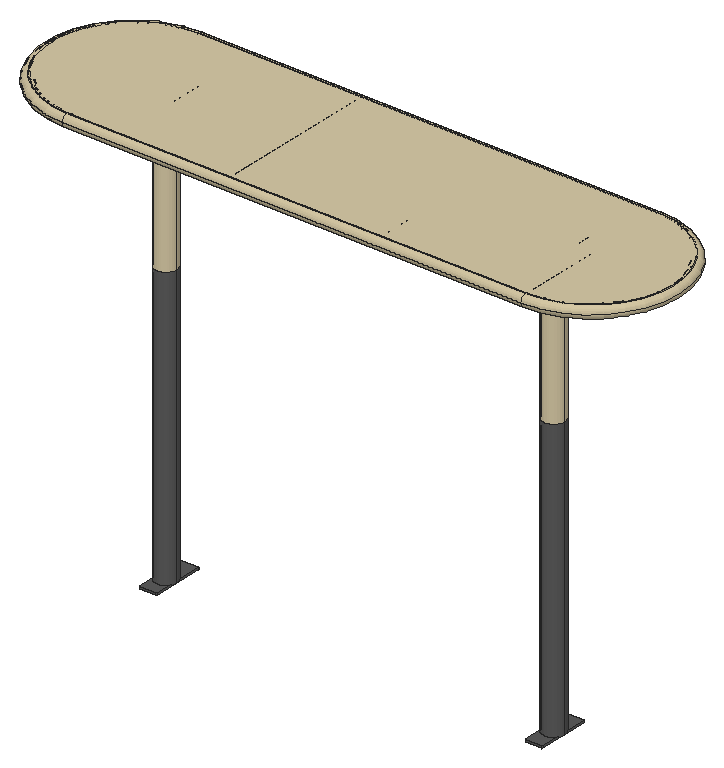
Revit family "1402-F", category Meble, Revit 2021
Family settings
  Numer OmniClass = 23.40.20.00
  Tytuł OmniClass = General Furniture and Specialties
  Oparty na płaszczyźnie roboczej = Nie
  Zawsze pionowo = Tak
  Tnij formami wycięć po wczytaniu = Nie
  Współdzielony = Nie
  Punkt obliczania pomieszczeń = Nie
Parameters (values of type "1402-F")
  metal = Mobilis Design RAL 1000
  Width = "50 cm"
  Weight = "40 kg"
  URL = ""
  Product Line = "Phoenix"
  Product Groups = ""
  Manufacturer = ""
  Keynote = ""
  Description = ""
  Model = "1402-F"
  Material = ""
  Maintenance = ""
  Lenght = "180 cm"
  Type Comments = ""
  Mobilis Design Materials = ""
  Hosted on = ""
  Height = "45 cm"
  Domyślna rzędna = 0 mm
  Copyright = "All designs and drawings are the common intellectual property of Lars Laj A/S and Tress and are protected by Danish and international copyright laws."
Reference planes
  plane 1: z = 0
  plane 2 "Środek (Lewa/Prawa)": x = 0
  plane 3 "Środek": y = 257.204
Forms (mm)
  Extrusion 1, solid, material "Mobilis Design RAL 1000" <- "metal", not visible
    sketch origin (0, 0, 0) x (0, 1, 0) y (0, 0, 1)
      loop
        arc (71.187, 451.5) -> (57.045, 445.642) -> (51.187, 431.5) r 20
        line (51.187, 431.5) -> (51.187, 18.231)
        arc (51.187, 18.231) -> (56.527, 5.34) -> (69.418, 0) r 18.231
        line (69.418, 0) -> (153.638, 0) -> (153.638, 15) -> (448.638, 15) -> (448.638, 0) -> (527.023, 0)
        arc (527.023, 0) -> (542.307, 6.331) -> (548.638, 21.615) r 21.615
        line (548.638, 21.615) -> (548.638, 429.407)
        arc (548.638, 429.407) -> (542.168, 445.029) -> (526.545, 451.5) r 22.093
        line (526.545, 451.5) -> (71.187, 451.5)
    from 750.378 to 745
  Extrusion 2, solid, material "Mobilis Design RAL 1000" <- "metal", not visible
    sketch origin (0, 0, 0) x (0, 1, 0) y (0, 0, 1)
      loop
        line (548.638, 396.844) -> (629.375, 854.725) -> (601.836, 859.581)
        arc (601.836, 859.581) -> (585.224, 855.898) -> (576.082, 841.547) r 22.232
        line (576.082, 841.547) -> (507.306, 451.5) -> (526.545, 451.5)
        arc (526.545, 451.5) -> (542.168, 445.029) -> (548.638, 429.407) r 22.093
        line (548.638, 429.407) -> (548.638, 396.844)
    from 745 to 750.378
  Extrusion 3, solid, material "Mobilis Design RAL 1000" <- "metal"
    sketch origin (-110.268, -25.952, 0) x (0, -1, 0) y (1, 0, 0)
      loop
        circle (-275.327, -399.004) r 30.15
      loop
        circle (-275.327, -399.004) r 28.15
      loop
        circle (-275.327, 699.746) r 30.15
      loop
        circle (-275.327, 699.746) r 28.15
    from 444.1 to 0
  Extrusion 4, solid, material "Painted Black"
    sketch origin (189.004, -23.124, 0) x (1, 0, 0) y (0, 1, 0)
      loop
        line (375.996, 347.327) -> (375.996, 203.327)
        arc (375.996, 203.327) -> (376.874, 201.206) -> (378.996, 200.327) r 3
        line (378.996, 200.327) -> (422.996, 200.327)
        arc (422.996, 200.327) -> (425.117, 201.206) -> (425.996, 203.327) r 3
        line (425.996, 203.327) -> (425.996, 347.327)
        arc (425.996, 347.327) -> (425.117, 349.449) -> (422.996, 350.327) r 3
        line (422.996, 350.327) -> (378.996, 350.327)
        arc (378.996, 350.327) -> (376.874, 349.449) -> (375.996, 347.327) r 3
      loop
        line (-722.97, 354.396) -> (-722.97, 210.396)
        arc (-722.97, 210.396) -> (-722.091, 208.274) -> (-719.97, 207.396) r 3
        line (-719.97, 207.396) -> (-675.97, 207.396)
        arc (-675.97, 207.396) -> (-673.849, 208.274) -> (-672.97, 210.396) r 3
        line (-672.97, 210.396) -> (-672.97, 354.396)
        arc (-672.97, 354.396) -> (-673.849, 356.517) -> (-675.97, 357.396) r 3
        line (-675.97, 357.396) -> (-719.97, 357.396)
        arc (-719.97, 357.396) -> (-722.091, 356.517) -> (-722.97, 354.396) r 3
    from -800 to -795
  Extrusion 5, solid, material "Mobilis Design RAL 1000" <- "metal"
    sketch origin (0, 257.204, 0) x (-1, 0, 0) y (0, 0, 1)
      loop
        line (608.966, 447.188) -> (558.966, 447.188) -> (558.966, 417.188) -> (608.966, 417.188) -> (608.966, 447.188)
      loop
        line (606.966, 445.188) -> (560.966, 445.188) -> (560.966, 419.188) -> (606.966, 419.188) -> (606.966, 445.188)
      loop
        line (199.004, 447.188) -> (149.004, 447.188) -> (149.004, 417.188) -> (199.004, 417.188) -> (199.004, 447.188)
      loop
        line (197.004, 445.188) -> (151.004, 445.188) -> (151.004, 419.188) -> (197.004, 419.188) -> (197.004, 445.188)
      loop
        line (-640, 447.188) -> (-691.034, 447.188) -> (-691.034, 417.188) -> (-640, 417.188) -> (-640, 447.188)
      loop
        line (-643.034, 445.188) -> (-689.034, 445.188) -> (-689.034, 419.188) -> (-643.034, 419.188) -> (-643.034, 445.188)
      loop
        line (-229.015, 447.188) -> (-279.015, 447.188) -> (-279.015, 417.188) -> (-229.015, 417.188) -> (-229.015, 447.188)
      loop
        line (-231.015, 445.188) -> (-277.015, 445.188) -> (-277.015, 419.188) -> (-231.015, 419.188) -> (-231.015, 445.188)
    from -216.276 to 216.276
  Extrusion 6, solid, material "Mobilis Design RAL 1000" <- "metal"
    sketch origin (239.004, -16.847, 0) x (1, 0, 0) y (0, 1, 0)
      loop
        line (-699.004, 325.327) -> (-799.004, 325.327) -> (-799.004, 225.327) -> (-699.004, 225.327) -> (-699.004, 325.327)
      loop
        line (302.03, 325.327) -> (302.03, 225.327) -> (400.996, 225.327) -> (400.996, 325.327) -> (302.03, 325.327)
    from 447.05 to 443.488
  Extrusion 7, solid, material "Painted Black"
    sketch origin (-110.268, -25.952, 0) x (1, 0, 0) y (0, 1, 0)
      loop
        circle (-399.004, 275.327) r 30.15
      loop
        circle (-399.004, 275.327) r 28.15
      loop
        circle (699.746, 275.327) r 30.15
      loop
        circle (699.746, 275.327) r 28.15
    from 0 to -795
  Extrusion 8, solid, material "Mobilis Design RAL 1000" <- "metal"
    sketch origin (0, 0, 0) x (1, 0, 0) y (0, 1, 0)
      loop
        line (-608.966, 24.054) -> (691.034, 24.054)
        arc (691.034, 24.054) -> (924.184, 257.204) -> (691.034, 490.354) r 233.15
        line (691.034, 490.354) -> (-608.966, 490.354)
        arc (-608.966, 490.354) -> (-842.116, 257.204) -> (-608.966, 24.054) r 233.15
    from 447.188 to 450
  Sweep 9, solid, material "Mobilis Design RAL 1000" <- "metal"
    path origin (0, 0, 450) x (1, 0, 0) y (0, 1, 0)
      loop
        line (691.034, 490.354) -> (-608.966, 490.354)
        arc (-608.966, 490.354) -> (-842.116, 257.204) -> (-608.966, 24.054) r 233.15
        line (-608.966, 24.054) -> (691.034, 24.054)
        arc (691.034, 24.054) -> (924.184, 257.204) -> (691.034, 490.354) r 233.15
    profile origin (41.034, 490.354, 450) x (0, -1, 0) y (0, 0, 1)
      loop
        circle (0, -16.8) r 16.85
      loop
        circle (0, -16.8) r 14.85
Lines and regions (mm)
  model lines
    curve 1: line (691.034, 490.354, 450) -> (-608.966, 490.354, 450)
    curve 2: arc (691.034, 24.054, 450) -> (924.184, 257.204, 450) -> (691.034, 490.354, 450) r 233.15
Dimensions and locks
  aligned and locked: level to plane 1
